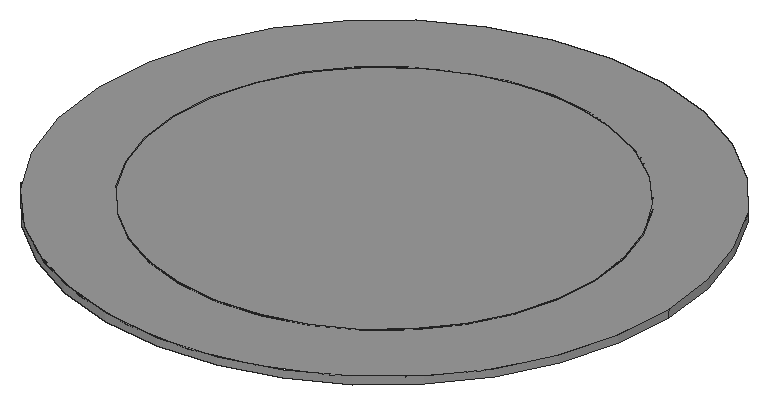
Revit family "LAMP_ARO OPAL IP54", category Modelos genéricos, Revit 2015
Parameters (values of type "WHITE")
  Weight = 0.218 kg
  Protection rating = "IP54"
  Product datasheet = "https://www.lamp.es/en/accessory/domo-220-kombic-acc-transp-glass-wh_423643"
  Product code = "DIOPRD240W"
  Modelo = Product code  # "DIOPRD240W"
  Model explanation = "Availability of switching between accessories through visibility parameters when placed in a project."
  Material Cristal = LAMP_PC Cristal opal aro Kombic
  Material Aro = LAMP_PC Kombic Aro BL
  Manufacturer name = "LAMP"
  Manufacturer country = "Spain"
  Manufacturer URL = "http://www.lamp.es/en"
  Luminaire type = "Accessory"
  Last update = "29/06/2020"
  Installation instructions = ""
  Grosor aro = 3 mm
  Finish = "Matt white"
  Fabricante = Manufacturer name  # "LAMP"
  Diameter = 174 mm
  Descripción = "DOMO 220 ACC.TRANSP GLASS WH."
  Comentarios de tipo = Model explanation  # "Availability of switching between accessories through visibility parameters when placed in a project."
Types (3, lengths in mm): name | Product datasheet | Product code | Modelo | Material Cristal | Material Aro | Last update | Finish | Descripción
  (no name) | "https://www.lamp.es/en/accessory/domo-220-kombic-acc-transp-glass-wh_423643" | "DIOPRD240W" | "DIOPRD240W" | LAMP_PC Cristal opal aro Kombic | LAMP_PC Kombic Aro BL | "29/06/2020" | "Matt white" | "DOMO 220 ACC.TRANSP GLASS WH."
  WHITE | "https://www.lamp.es/en/accessory/domo-220-kombic-acc-transp-glass-wh_423643" | "DIOPRD240W" | "DIOPRD240W" | LAMP_PC Cristal opal aro Kombic | LAMP_PC Kombic Aro BL | "29/06/2020" | "Matt white" | "DOMO 220 ACC.TRANSP GLASS WH."
  GREY | "https://www.lamp.es/en/accessory/domo-220-kombic-acc-transp-glass-gr_423645" | "DITRRD240G" | "DITRRD240G" | LAMP_CRISTAL ARO | LAMP_PC Kombic Aro GR | "14/05/2018" | "Gloss grey" | "DOMO 220 ACC.TRANSP GLASS GR."
Reference planes
  plane 1 "Centro (Frontal/Posterior)": y = 0
  plane 2: z = 0
  plane 3 "Centro (Izquierda/Derecha)": x = 0
  plane 4: z = 3
Forms (mm)
  Extrusion 1, solid, material "LAMP_PC Kombic Aro BL" <- "Material Aro"
    sketch origin (0, 0, 0) x (1, 0, 0) y (0, 1, 0)
      loop
        circle (0, 0) r 113
      loop
        circle (0, 0) r 83.5
    from 0 to 3
  Extrusion 2, solid, material "LAMP_PC Cristal opal aro Kombic" <- "Material Cristal"
    sketch origin (0, 0, 0) x (1, 0, 0) y (0, 1, 0)
      loop
        circle (0, 0) r 83.5
    from 1 to 3
Text (mm)
  text "Any modification of the parameters and properties of the LAMP BIM models must be executed and validated by the LAMP technical department.\n\nPhone: +34 93 736 68 00\n\nE-mail: lamp@lamp.es\n\n\n\nLAMP reserves the right to modify the technical specifications of its products." at (189.655, 51.95, 129.596), in view "Preview"
Dimensions and locks
  "Grosor aro": plane 4 to level
  aligned and locked: level to plane 2
  aligned and locked: plane 4 to Extrusion 1
  aligned and locked: Extrusion 1 to level
  aligned and locked: Extrusion 1 to plane 4
  aligned and locked: level to Extrusion 1
Automatic sketch dimensions
  Extrusion 1 sketch curve to Extrusion 1 sketch curve = 0 mm  (x2)
  plane 1 "Centro (Frontal/Posterior)" to Extrusion 1 sketch curve = 0 mm
  Extrusion 1 sketch curve to plane 3 "Centro (Izquierda/Derecha)" = 0 mm
  plane 1 "Centro (Frontal/Posterior)" to Extrusion 2 sketch curve = 0 mm
  Extrusion 2 sketch curve to plane 3 "Centro (Izquierda/Derecha)" = 0 mm
  radius of Extrusion 1 sketch curve = 113 mm
  radius of Extrusion 1 sketch curve = 83.5 mm
  radius of Extrusion 2 sketch curve = 83.5 mm
